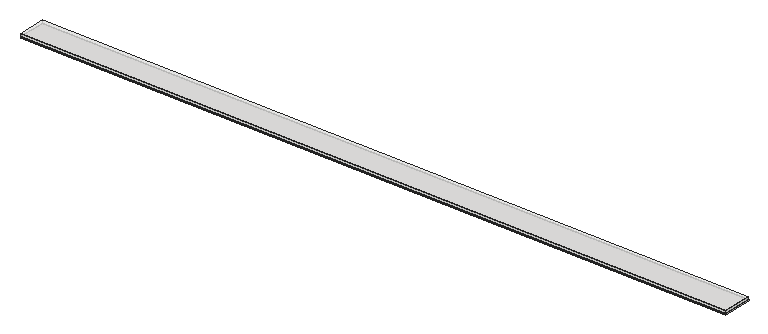
Revit family "Lighting - Luminii - LineLED - LLHE64 - Array", category Lighting Fixtures, host Face, Revit 2020
Family settings
  Host = Face
  Round Connector Dimension = Use Diameter
  Part Type = Normal
  OmniClass Number = 23.80.70.11.14.21
  OmniClass Title = Spots and Tracklight Specialties
  Cut with Voids When Loaded = No
  Light Source = No
  Shared = Yes
  Room Calculation Point = No
Parameters (values of type "LineLED HE64 - VHO")
  Width = 123/256"  # constant formula
  Wattage Comments = "7.5 W/ft"
  Warranty URL = "https://www.luminii.com/terms-conditions/"
  Voltage Comments = " 24 VDC"  # constant formula
  Voltage = 24 V  # constant formula
  Version = "2020 - v1.0a"  # constant formula
  URL = "https://www.luminii.com/"
  Support Phone = "224-699-9545"  # constant formula
  Support Email = "mailto:support@bimsmith.com"
  Product Page URL = "https://www.luminii.com/product/lineled-llhe64-vho/"
  Product Name = "LineLED HE64"  # constant formula
  Product Documentation Link = "https://www.luminii.com/wp-content/uploads/z_special_catalog_products/products/lineled-llhe64-vho/specsheets/LL48HE-64HE-Spec.pdf"
  Power Source Type = "Driver"  # constant formula
  Power Factor = 1
  Phase = 1
  Operating Temperature = "Consult Manufacturer Website for more Information"  # constant formula
  Number of Poles = if(and(or(Voltage = 120 V, Voltage = 277 V), Phase = 1), 1, if(and(or(Voltage = 208 V, Voltage = 240 V), Phase = 1), 2, if(and(or(Voltage = 208 V, Voltage = 240 V), Phase = 3), 3, if(and(Voltage > 300 V, Phase = 1), 2, if(and(Voltage > 400 V, Phase = 3), 3, 1)))))  # 1
  Mounting Method = "Surface Mount"  # constant formula
  Model = "LLHE64-VHO"
  Manufacturer Phone Number = "224-333-6033"  # constant formula
  Manufacturer Email = "mailto:info@luminii.com"
  Manufacturer Address = "7777 N Merrimac Ave, Niles, IL 60714"  # constant formula
  Manufacturer = "Luminii"  # constant formula
  Lumen Output = "986 lm/ft"
  Load Classification = Lighting
  Lens Material = Plastic - Luminii - Frosted Lens
  Length Comments [instance] = "Perfomance based on 1\" Photometric Web File, consult Manufacturer for custom sizes"  # constant formula
  Length [instance] = if(Desired Length < 12", 12", if(and(Constraints = 1, Desired Length > 180"), 180", if(and(Constraints = 2, Desired Length > 156"), 156", (round(Desired Length / 1 1/2")) * 1 1/2")))  # 12"
  Lamp Life = 1
  Lamp = "LED"  # constant formula
  Keynote = "26 50 00"
  Instruction Sheet Link = "https://www.luminii.com/wp-content/uploads/z_special_catalog_products/products/lineled-llhe64-vho/install-guides/LLHE48-Installation-Instructions.pdf"
  Initial Color Comments = "Perfomance based on 3000K Photometric Web File"  # constant formula
  Housing Protection Rating = "IP20 Dry/IP66 Wet Series"  # constant formula
  Has Dimming = 1 = 1  # yes
  Has Battery Backup = 0 = 1  # no
  Frequency Comments = ""  # constant formula
  Frequency = 60 Hz
  Finish = Metal - Luminii - Silver Anodized Aluminum
  Environment = "Indoor"  # constant formula
  Desired Length [instance] = 12"
  Description = "Linear LED strip - 24 VDC"  # constant formula
  Depth = 15/256"  # constant formula
  Default Elevation = 0"  # constant formula
  Current Amps = 50 A
  Copyright = "©2023 Luminii"  # constant formula
  Constraints = 1
  built-in parameter 1114216 [instance] = 0  # (empty or 0)
  built-in parameter 1140040 [instance] = 1 = 1  # 1
  CCT = "3000K"
  C Number of LED [instance] = Length / 3/16"  # 64
  C LED Type = Lighting - Luminii - LineLED - LLHE64 - Nested Light Source : LineLED HE64 - VHO
  C End Caps Width = 13/128"  # constant formula
  Assembly Code = "D5020230"
  Apparent Load = 7.6 VA
Types (2): name | Wattage Comments | Product Page URL | Model | Lumen Output | Constraints | C LED Type | Apparent Load
  LineLED HE64 - VHO | "7.5 W/ft" | "https://www.luminii.com/product/lineled-llhe64-vho/" | "LLHE64-VHO" | "986 lm/ft" | 1 | Lighting - Luminii - LineLED - LLHE64 - Nested Light Source : LineLED HE64 - VHO | 7.6 VA
  LineLED HE64 - XHO | "9.6 W/ft" | "https://www.luminii.com/product/lineled-llhe64-xho/" | "LLHE64-XHO" | "1073 lm/ft" | 2 | Lighting - Luminii - LineLED - LLHE64 - Nested Light Source : LineLED HE64 - XHO | 9.7 VA
Reference planes (in)
  plane 1 "Center (Front/Back)": y = 0
  plane 2: z = 0
  plane 3 "Center (Left/Right)": x = 0
  plane 4: x = -6
  plane 5: x = 6
  plane 6: y = 0.24023
  plane 7: y = -0.24023
  plane 8: z = 0.05859
  plane 9: z = 0.01
Forms (in)
  Extrusion 1, solid, material "Metal - Luminii - Silver Anodized Aluminum", not visible
    sketch origin (0, 0, 0) x (1, 0, 0) y (0, 1, 0)
      loop
        circle (0, 0) r 0.5
    from 0 to -0.17225
  Extrusion 2, solid, material "Metal - Luminii - Silver Anodized Aluminum" <- "Finish"
    sketch origin (0, 0, 0) x (1, 0, 0) y (0, 1, 0)
      loop
        line (-6, 0.24023) -> (-6, -0.24023) -> (6, -0.24023) -> (6, 0.24023) -> (-6, 0.24023)
    from 0 to 0.01
  Extrusion 3, solid, material "Plastic - Luminii - Frosted Lens" <- "Lens Material"
    sketch origin (0, 0, 0) x (1, 0, 0) y (0, 1, 0)
      loop
        line (-6, 0.24023) -> (-6, -0.24023) -> (6, -0.24023) -> (6, 0.24023) -> (-6, 0.24023)
    from 0.05859 to 0.01
Dimensions and locks (in)
  equal spacing: plane 4, plane 3 "Center (Left/Right)", plane 5
  equal spacing: plane 6, plane 1 "Center (Front/Back)", plane 7
  "Length": plane 4 to plane 5
  "Width": plane 6 to plane 7
  "Depth": plane 8 to plane 2
  equal spacing: group 1, group 3, group 4, group 5, group 6, group 7, group 8, group 9, group 10, group 11, group 12, group 13, group 14, group 15, group 16, group 17, group 18, group 19, group 20, group 21, group 22, group 23, group 24, group 25, group 26, group 27, group 28, group 29, group 30, group 31, group 32, group 33, group 34, group 35, group 36, group 37, group 38, group 39, group 40, group 41, group 42, group 43, group 44, group 45, group 46, group 47, group 48, group 49, group 50, group 51, group 52, group 53, group 54, group 55, group 56, group 57, group 58, group 59, group 60, group 61, group 62, group 63, group 64, group 2  (x3)
  aligned and locked: plane 2 to host face
  aligned and locked: plane 3 "Center (Left/Right)" to Extrusion 1 sketch curve
  aligned and locked: plane 1 "Center (Front/Back)" to Extrusion 1 sketch curve
  aligned and locked: plane 2 to Extrusion 1  (x2)
  aligned and locked: Extrusion 2 sketch curve to plane 6
  aligned and locked: plane 4 to Extrusion 2 sketch curve
  aligned and locked: plane 7 to Extrusion 2 sketch curve
  aligned and locked: Extrusion 2 sketch curve to plane 5
  aligned and locked: Extrusion 2 to level
  aligned and locked: plane 9 to Extrusion 2
  aligned and locked: Extrusion 3 sketch curve to Extrusion 2  (x4)
  aligned and locked: plane 8 to Extrusion 3
  aligned and locked: Extrusion 3 to Extrusion 2
  aligned and locked: plane 2 to nested 1
  aligned and locked: plane 1 "Center (Front/Back)" to nested 1
  aligned and locked: plane 4 to nested 1
  aligned and locked: plane 2 to nested 2
  aligned and locked: plane 5 to nested 2
  aligned and locked: plane 1 "Center (Front/Back)" to nested 2
Automatic sketch dimensions
  host sketch curve to host sketch curve = 96"  (x2)
  radius of Extrusion 1 sketch curve = 1/2"
Nested families (in)
  nested 1: "Lighting - Luminii - LineLED - LLHE64 - Nested Light Source" at (-5.5, 0, 0), type <- "C LED Type", type "LineLED HE64 - VHO"
    with Length Comments "Perfomance based on 1\" Photometric Web File, consult Manufacturer for custom sizes", Length 1", Desired Length 1", built-in parameter 1114216 (empty or 0), built-in parameter 1140040 1
  nested 2: "Lighting - Luminii - LineLED - LLHE64 - Nested Light Source" at (5.5, 0, 0), type <- "C LED Type", type "LineLED HE64 - VHO"
    with Length Comments "Perfomance based on 1\" Photometric Web File, consult Manufacturer for custom sizes", Length 1", Desired Length 1", built-in parameter 1114216 (empty or 0), built-in parameter 1140040 1
  nested 3: "Lighting - Luminii - LineLED - LLHE64 - Nested Light Source" at (-5.3254, 0, 0), type <- "C LED Type", type "LineLED HE64 - VHO"
    with Length Comments "Perfomance based on 1\" Photometric Web File, consult Manufacturer for custom sizes", Length 1", Desired Length 1", built-in parameter 1114216 (empty or 0), built-in parameter 1140040 1
  nested 4: "Lighting - Luminii - LineLED - LLHE64 - Nested Light Source" at (-5.15079, 0, 0), type <- "C LED Type", type "LineLED HE64 - VHO"
    with Length Comments "Perfomance based on 1\" Photometric Web File, consult Manufacturer for custom sizes", Length 1", Desired Length 1", built-in parameter 1114216 (empty or 0), built-in parameter 1140040 1
  nested 5: "Lighting - Luminii - LineLED - LLHE64 - Nested Light Source" at (-4.97619, 0, 0), type <- "C LED Type", type "LineLED HE64 - VHO"
    with Length Comments "Perfomance based on 1\" Photometric Web File, consult Manufacturer for custom sizes", Length 1", Desired Length 1", built-in parameter 1114216 (empty or 0), built-in parameter 1140040 1
  nested 6: "Lighting - Luminii - LineLED - LLHE64 - Nested Light Source" at (-4.80159, 0, 0), type <- "C LED Type", type "LineLED HE64 - VHO"
    with Length Comments "Perfomance based on 1\" Photometric Web File, consult Manufacturer for custom sizes", Length 1", Desired Length 1", built-in parameter 1114216 (empty or 0), built-in parameter 1140040 1
  nested 7: "Lighting - Luminii - LineLED - LLHE64 - Nested Light Source" at (-4.62698, 0, 0), type <- "C LED Type", type "LineLED HE64 - VHO"
    with Length Comments "Perfomance based on 1\" Photometric Web File, consult Manufacturer for custom sizes", Length 1", Desired Length 1", built-in parameter 1114216 (empty or 0), built-in parameter 1140040 1
  nested 8: "Lighting - Luminii - LineLED - LLHE64 - Nested Light Source" at (-4.45238, 0, 0), type <- "C LED Type", type "LineLED HE64 - VHO"
    with Length Comments "Perfomance based on 1\" Photometric Web File, consult Manufacturer for custom sizes", Length 1", Desired Length 1", built-in parameter 1114216 (empty or 0), built-in parameter 1140040 1
  nested 9: "Lighting - Luminii - LineLED - LLHE64 - Nested Light Source" at (-4.27778, 0, 0), type <- "C LED Type", type "LineLED HE64 - VHO"
    with Length Comments "Perfomance based on 1\" Photometric Web File, consult Manufacturer for custom sizes", Length 1", Desired Length 1", built-in parameter 1114216 (empty or 0), built-in parameter 1140040 1
  nested 10: "Lighting - Luminii - LineLED - LLHE64 - Nested Light Source" at (-4.10317, 0, 0), type <- "C LED Type", type "LineLED HE64 - VHO"
    with Length Comments "Perfomance based on 1\" Photometric Web File, consult Manufacturer for custom sizes", Length 1", Desired Length 1", built-in parameter 1114216 (empty or 0), built-in parameter 1140040 1
  nested 11: "Lighting - Luminii - LineLED - LLHE64 - Nested Light Source" at (-3.92857, 0, 0), type <- "C LED Type", type "LineLED HE64 - VHO"
    with Length Comments "Perfomance based on 1\" Photometric Web File, consult Manufacturer for custom sizes", Length 1", Desired Length 1", built-in parameter 1114216 (empty or 0), built-in parameter 1140040 1
  nested 12: "Lighting - Luminii - LineLED - LLHE64 - Nested Light Source" at (-3.75397, 0, 0), type <- "C LED Type", type "LineLED HE64 - VHO"
    with Length Comments "Perfomance based on 1\" Photometric Web File, consult Manufacturer for custom sizes", Length 1", Desired Length 1", built-in parameter 1114216 (empty or 0), built-in parameter 1140040 1
  nested 13: "Lighting - Luminii - LineLED - LLHE64 - Nested Light Source" at (-3.57937, 0, 0), type <- "C LED Type", type "LineLED HE64 - VHO"
    with Length Comments "Perfomance based on 1\" Photometric Web File, consult Manufacturer for custom sizes", Length 1", Desired Length 1", built-in parameter 1114216 (empty or 0), built-in parameter 1140040 1
  nested 14: "Lighting - Luminii - LineLED - LLHE64 - Nested Light Source" at (-3.40476, 0, 0), type <- "C LED Type", type "LineLED HE64 - VHO"
    with Length Comments "Perfomance based on 1\" Photometric Web File, consult Manufacturer for custom sizes", Length 1", Desired Length 1", built-in parameter 1114216 (empty or 0), built-in parameter 1140040 1
  nested 15: "Lighting - Luminii - LineLED - LLHE64 - Nested Light Source" at (-3.23016, 0, 0), type <- "C LED Type", type "LineLED HE64 - VHO"
    with Length Comments "Perfomance based on 1\" Photometric Web File, consult Manufacturer for custom sizes", Length 1", Desired Length 1", built-in parameter 1114216 (empty or 0), built-in parameter 1140040 1
  nested 16: "Lighting - Luminii - LineLED - LLHE64 - Nested Light Source" at (-3.05556, 0, 0), type <- "C LED Type", type "LineLED HE64 - VHO"
    with Length Comments "Perfomance based on 1\" Photometric Web File, consult Manufacturer for custom sizes", Length 1", Desired Length 1", built-in parameter 1114216 (empty or 0), built-in parameter 1140040 1
  nested 17: "Lighting - Luminii - LineLED - LLHE64 - Nested Light Source" at (-2.88095, 0, 0), type <- "C LED Type", type "LineLED HE64 - VHO"
    with Length Comments "Perfomance based on 1\" Photometric Web File, consult Manufacturer for custom sizes", Length 1", Desired Length 1", built-in parameter 1114216 (empty or 0), built-in parameter 1140040 1
  nested 18: "Lighting - Luminii - LineLED - LLHE64 - Nested Light Source" at (-2.70635, 0, 0), type <- "C LED Type", type "LineLED HE64 - VHO"
    with Length Comments "Perfomance based on 1\" Photometric Web File, consult Manufacturer for custom sizes", Length 1", Desired Length 1", built-in parameter 1114216 (empty or 0), built-in parameter 1140040 1
  nested 19: "Lighting - Luminii - LineLED - LLHE64 - Nested Light Source" at (-2.53175, 0, 0), type <- "C LED Type", type "LineLED HE64 - VHO"
    with Length Comments "Perfomance based on 1\" Photometric Web File, consult Manufacturer for custom sizes", Length 1", Desired Length 1", built-in parameter 1114216 (empty or 0), built-in parameter 1140040 1
  nested 20: "Lighting - Luminii - LineLED - LLHE64 - Nested Light Source" at (-2.35714, 0, 0), type <- "C LED Type", type "LineLED HE64 - VHO"
    with Length Comments "Perfomance based on 1\" Photometric Web File, consult Manufacturer for custom sizes", Length 1", Desired Length 1", built-in parameter 1114216 (empty or 0), built-in parameter 1140040 1
  nested 21: "Lighting - Luminii - LineLED - LLHE64 - Nested Light Source" at (-2.18254, 0, 0), type <- "C LED Type", type "LineLED HE64 - VHO"
    with Length Comments "Perfomance based on 1\" Photometric Web File, consult Manufacturer for custom sizes", Length 1", Desired Length 1", built-in parameter 1114216 (empty or 0), built-in parameter 1140040 1
  nested 22: "Lighting - Luminii - LineLED - LLHE64 - Nested Light Source" at (-2.00794, 0, 0), type <- "C LED Type", type "LineLED HE64 - VHO"
    with Length Comments "Perfomance based on 1\" Photometric Web File, consult Manufacturer for custom sizes", Length 1", Desired Length 1", built-in parameter 1114216 (empty or 0), built-in parameter 1140040 1
  nested 23: "Lighting - Luminii - LineLED - LLHE64 - Nested Light Source" at (-1.83333, 0, 0), type <- "C LED Type", type "LineLED HE64 - VHO"
    with Length Comments "Perfomance based on 1\" Photometric Web File, consult Manufacturer for custom sizes", Length 1", Desired Length 1", built-in parameter 1114216 (empty or 0), built-in parameter 1140040 1
  nested 24: "Lighting - Luminii - LineLED - LLHE64 - Nested Light Source" at (-1.65873, 0, 0), type <- "C LED Type", type "LineLED HE64 - VHO"
    with Length Comments "Perfomance based on 1\" Photometric Web File, consult Manufacturer for custom sizes", Length 1", Desired Length 1", built-in parameter 1114216 (empty or 0), built-in parameter 1140040 1
  nested 25: "Lighting - Luminii - LineLED - LLHE64 - Nested Light Source" at (-1.48413, 0, 0), type <- "C LED Type", type "LineLED HE64 - VHO"
    with Length Comments "Perfomance based on 1\" Photometric Web File, consult Manufacturer for custom sizes", Length 1", Desired Length 1", built-in parameter 1114216 (empty or 0), built-in parameter 1140040 1
  nested 26: "Lighting - Luminii - LineLED - LLHE64 - Nested Light Source" at (-1.30952, 0, 0), type <- "C LED Type", type "LineLED HE64 - VHO"
    with Length Comments "Perfomance based on 1\" Photometric Web File, consult Manufacturer for custom sizes", Length 1", Desired Length 1", built-in parameter 1114216 (empty or 0), built-in parameter 1140040 1
  nested 27: "Lighting - Luminii - LineLED - LLHE64 - Nested Light Source" at (-1.13492, 0, 0), type <- "C LED Type", type "LineLED HE64 - VHO"
    with Length Comments "Perfomance based on 1\" Photometric Web File, consult Manufacturer for custom sizes", Length 1", Desired Length 1", built-in parameter 1114216 (empty or 0), built-in parameter 1140040 1
  nested 28: "Lighting - Luminii - LineLED - LLHE64 - Nested Light Source" at (-0.96032, 0, 0), type <- "C LED Type", type "LineLED HE64 - VHO"
    with Length Comments "Perfomance based on 1\" Photometric Web File, consult Manufacturer for custom sizes", Length 1", Desired Length 1", built-in parameter 1114216 (empty or 0), built-in parameter 1140040 1
  nested 29: "Lighting - Luminii - LineLED - LLHE64 - Nested Light Source" at (-0.78571, 0, 0), type <- "C LED Type", type "LineLED HE64 - VHO"
    with Length Comments "Perfomance based on 1\" Photometric Web File, consult Manufacturer for custom sizes", Length 1", Desired Length 1", built-in parameter 1114216 (empty or 0), built-in parameter 1140040 1
  nested 30: "Lighting - Luminii - LineLED - LLHE64 - Nested Light Source" at (-0.61111, 0, 0), type <- "C LED Type", type "LineLED HE64 - VHO"
    with Length Comments "Perfomance based on 1\" Photometric Web File, consult Manufacturer for custom sizes", Length 1", Desired Length 1", built-in parameter 1114216 (empty or 0), built-in parameter 1140040 1
  nested 31: "Lighting - Luminii - LineLED - LLHE64 - Nested Light Source" at (-0.43651, 0, 0), type <- "C LED Type", type "LineLED HE64 - VHO"
    with Length Comments "Perfomance based on 1\" Photometric Web File, consult Manufacturer for custom sizes", Length 1", Desired Length 1", built-in parameter 1114216 (empty or 0), built-in parameter 1140040 1
  nested 32: "Lighting - Luminii - LineLED - LLHE64 - Nested Light Source" at (-0.2619, 0, 0), type <- "C LED Type", type "LineLED HE64 - VHO"
    with Length Comments "Perfomance based on 1\" Photometric Web File, consult Manufacturer for custom sizes", Length 1", Desired Length 1", built-in parameter 1114216 (empty or 0), built-in parameter 1140040 1
  nested 33: "Lighting - Luminii - LineLED - LLHE64 - Nested Light Source" at (-0.0873, 0, 0), type <- "C LED Type", type "LineLED HE64 - VHO"
    with Length Comments "Perfomance based on 1\" Photometric Web File, consult Manufacturer for custom sizes", Length 1", Desired Length 1", built-in parameter 1114216 (empty or 0), built-in parameter 1140040 1
  nested 34: "Lighting - Luminii - LineLED - LLHE64 - Nested Light Source" at (0.0873, 0, 0), type <- "C LED Type", type "LineLED HE64 - VHO"
    with Length Comments "Perfomance based on 1\" Photometric Web File, consult Manufacturer for custom sizes", Length 1", Desired Length 1", built-in parameter 1114216 (empty or 0), built-in parameter 1140040 1
  nested 35: "Lighting - Luminii - LineLED - LLHE64 - Nested Light Source" at (0.2619, 0, 0), type <- "C LED Type", type "LineLED HE64 - VHO"
    with Length Comments "Perfomance based on 1\" Photometric Web File, consult Manufacturer for custom sizes", Length 1", Desired Length 1", built-in parameter 1114216 (empty or 0), built-in parameter 1140040 1
  nested 36: "Lighting - Luminii - LineLED - LLHE64 - Nested Light Source" at (0.43651, 0, 0), type <- "C LED Type", type "LineLED HE64 - VHO"
    with Length Comments "Perfomance based on 1\" Photometric Web File, consult Manufacturer for custom sizes", Length 1", Desired Length 1", built-in parameter 1114216 (empty or 0), built-in parameter 1140040 1
  nested 37: "Lighting - Luminii - LineLED - LLHE64 - Nested Light Source" at (0.61111, 0, 0), type <- "C LED Type", type "LineLED HE64 - VHO"
    with Length Comments "Perfomance based on 1\" Photometric Web File, consult Manufacturer for custom sizes", Length 1", Desired Length 1", built-in parameter 1114216 (empty or 0), built-in parameter 1140040 1
  nested 38: "Lighting - Luminii - LineLED - LLHE64 - Nested Light Source" at (0.78571, 0, 0), type <- "C LED Type", type "LineLED HE64 - VHO"
    with Length Comments "Perfomance based on 1\" Photometric Web File, consult Manufacturer for custom sizes", Length 1", Desired Length 1", built-in parameter 1114216 (empty or 0), built-in parameter 1140040 1
  nested 39: "Lighting - Luminii - LineLED - LLHE64 - Nested Light Source" at (0.96032, 0, 0), type <- "C LED Type", type "LineLED HE64 - VHO"
    with Length Comments "Perfomance based on 1\" Photometric Web File, consult Manufacturer for custom sizes", Length 1", Desired Length 1", built-in parameter 1114216 (empty or 0), built-in parameter 1140040 1
  nested 40: "Lighting - Luminii - LineLED - LLHE64 - Nested Light Source" at (1.13492, 0, 0), type <- "C LED Type", type "LineLED HE64 - VHO"
    with Length Comments "Perfomance based on 1\" Photometric Web File, consult Manufacturer for custom sizes", Length 1", Desired Length 1", built-in parameter 1114216 (empty or 0), built-in parameter 1140040 1
  nested 41: "Lighting - Luminii - LineLED - LLHE64 - Nested Light Source" at (1.30952, 0, 0), type <- "C LED Type", type "LineLED HE64 - VHO"
    with Length Comments "Perfomance based on 1\" Photometric Web File, consult Manufacturer for custom sizes", Length 1", Desired Length 1", built-in parameter 1114216 (empty or 0), built-in parameter 1140040 1
  nested 42: "Lighting - Luminii - LineLED - LLHE64 - Nested Light Source" at (1.48413, 0, 0), type <- "C LED Type", type "LineLED HE64 - VHO"
    with Length Comments "Perfomance based on 1\" Photometric Web File, consult Manufacturer for custom sizes", Length 1", Desired Length 1", built-in parameter 1114216 (empty or 0), built-in parameter 1140040 1
  nested 43: "Lighting - Luminii - LineLED - LLHE64 - Nested Light Source" at (1.65873, 0, 0), type <- "C LED Type", type "LineLED HE64 - VHO"
    with Length Comments "Perfomance based on 1\" Photometric Web File, consult Manufacturer for custom sizes", Length 1", Desired Length 1", built-in parameter 1114216 (empty or 0), built-in parameter 1140040 1
  nested 44: "Lighting - Luminii - LineLED - LLHE64 - Nested Light Source" at (1.83333, 0, 0), type <- "C LED Type", type "LineLED HE64 - VHO"
    with Length Comments "Perfomance based on 1\" Photometric Web File, consult Manufacturer for custom sizes", Length 1", Desired Length 1", built-in parameter 1114216 (empty or 0), built-in parameter 1140040 1
  nested 45: "Lighting - Luminii - LineLED - LLHE64 - Nested Light Source" at (2.00794, 0, 0), type <- "C LED Type", type "LineLED HE64 - VHO"
    with Length Comments "Perfomance based on 1\" Photometric Web File, consult Manufacturer for custom sizes", Length 1", Desired Length 1", built-in parameter 1114216 (empty or 0), built-in parameter 1140040 1
  nested 46: "Lighting - Luminii - LineLED - LLHE64 - Nested Light Source" at (2.18254, 0, 0), type <- "C LED Type", type "LineLED HE64 - VHO"
    with Length Comments "Perfomance based on 1\" Photometric Web File, consult Manufacturer for custom sizes", Length 1", Desired Length 1", built-in parameter 1114216 (empty or 0), built-in parameter 1140040 1
  nested 47: "Lighting - Luminii - LineLED - LLHE64 - Nested Light Source" at (2.35714, 0, 0), type <- "C LED Type", type "LineLED HE64 - VHO"
    with Length Comments "Perfomance based on 1\" Photometric Web File, consult Manufacturer for custom sizes", Length 1", Desired Length 1", built-in parameter 1114216 (empty or 0), built-in parameter 1140040 1
  nested 48: "Lighting - Luminii - LineLED - LLHE64 - Nested Light Source" at (2.53175, 0, 0), type <- "C LED Type", type "LineLED HE64 - VHO"
    with Length Comments "Perfomance based on 1\" Photometric Web File, consult Manufacturer for custom sizes", Length 1", Desired Length 1", built-in parameter 1114216 (empty or 0), built-in parameter 1140040 1
  nested 49: "Lighting - Luminii - LineLED - LLHE64 - Nested Light Source" at (2.70635, 0, 0), type <- "C LED Type", type "LineLED HE64 - VHO"
    with Length Comments "Perfomance based on 1\" Photometric Web File, consult Manufacturer for custom sizes", Length 1", Desired Length 1", built-in parameter 1114216 (empty or 0), built-in parameter 1140040 1
  nested 50: "Lighting - Luminii - LineLED - LLHE64 - Nested Light Source" at (2.88095, 0, 0), type <- "C LED Type", type "LineLED HE64 - VHO"
    with Length Comments "Perfomance based on 1\" Photometric Web File, consult Manufacturer for custom sizes", Length 1", Desired Length 1", built-in parameter 1114216 (empty or 0), built-in parameter 1140040 1
  nested 51: "Lighting - Luminii - LineLED - LLHE64 - Nested Light Source" at (3.05556, 0, 0), type <- "C LED Type", type "LineLED HE64 - VHO"
    with Length Comments "Perfomance based on 1\" Photometric Web File, consult Manufacturer for custom sizes", Length 1", Desired Length 1", built-in parameter 1114216 (empty or 0), built-in parameter 1140040 1
  nested 52: "Lighting - Luminii - LineLED - LLHE64 - Nested Light Source" at (3.23016, 0, 0), type <- "C LED Type", type "LineLED HE64 - VHO"
    with Length Comments "Perfomance based on 1\" Photometric Web File, consult Manufacturer for custom sizes", Length 1", Desired Length 1", built-in parameter 1114216 (empty or 0), built-in parameter 1140040 1
  nested 53: "Lighting - Luminii - LineLED - LLHE64 - Nested Light Source" at (3.40476, 0, 0), type <- "C LED Type", type "LineLED HE64 - VHO"
    with Length Comments "Perfomance based on 1\" Photometric Web File, consult Manufacturer for custom sizes", Length 1", Desired Length 1", built-in parameter 1114216 (empty or 0), built-in parameter 1140040 1
  nested 54: "Lighting - Luminii - LineLED - LLHE64 - Nested Light Source" at (3.57937, 0, 0), type <- "C LED Type", type "LineLED HE64 - VHO"
    with Length Comments "Perfomance based on 1\" Photometric Web File, consult Manufacturer for custom sizes", Length 1", Desired Length 1", built-in parameter 1114216 (empty or 0), built-in parameter 1140040 1
  nested 55: "Lighting - Luminii - LineLED - LLHE64 - Nested Light Source" at (3.75397, 0, 0), type <- "C LED Type", type "LineLED HE64 - VHO"
    with Length Comments "Perfomance based on 1\" Photometric Web File, consult Manufacturer for custom sizes", Length 1", Desired Length 1", built-in parameter 1114216 (empty or 0), built-in parameter 1140040 1
  nested 56: "Lighting - Luminii - LineLED - LLHE64 - Nested Light Source" at (3.92857, 0, 0), type <- "C LED Type", type "LineLED HE64 - VHO"
    with Length Comments "Perfomance based on 1\" Photometric Web File, consult Manufacturer for custom sizes", Length 1", Desired Length 1", built-in parameter 1114216 (empty or 0), built-in parameter 1140040 1
  nested 57: "Lighting - Luminii - LineLED - LLHE64 - Nested Light Source" at (4.10317, 0, 0), type <- "C LED Type", type "LineLED HE64 - VHO"
    with Length Comments "Perfomance based on 1\" Photometric Web File, consult Manufacturer for custom sizes", Length 1", Desired Length 1", built-in parameter 1114216 (empty or 0), built-in parameter 1140040 1
  nested 58: "Lighting - Luminii - LineLED - LLHE64 - Nested Light Source" at (4.27778, 0, 0), type <- "C LED Type", type "LineLED HE64 - VHO"
    with Length Comments "Perfomance based on 1\" Photometric Web File, consult Manufacturer for custom sizes", Length 1", Desired Length 1", built-in parameter 1114216 (empty or 0), built-in parameter 1140040 1
  nested 59: "Lighting - Luminii - LineLED - LLHE64 - Nested Light Source" at (4.45238, 0, 0), type <- "C LED Type", type "LineLED HE64 - VHO"
    with Length Comments "Perfomance based on 1\" Photometric Web File, consult Manufacturer for custom sizes", Length 1", Desired Length 1", built-in parameter 1114216 (empty or 0), built-in parameter 1140040 1
  nested 60: "Lighting - Luminii - LineLED - LLHE64 - Nested Light Source" at (4.62698, 0, 0), type <- "C LED Type", type "LineLED HE64 - VHO"
    with Length Comments "Perfomance based on 1\" Photometric Web File, consult Manufacturer for custom sizes", Length 1", Desired Length 1", built-in parameter 1114216 (empty or 0), built-in parameter 1140040 1
  nested 61: "Lighting - Luminii - LineLED - LLHE64 - Nested Light Source" at (4.80159, 0, 0), type <- "C LED Type", type "LineLED HE64 - VHO"
    with Length Comments "Perfomance based on 1\" Photometric Web File, consult Manufacturer for custom sizes", Length 1", Desired Length 1", built-in parameter 1114216 (empty or 0), built-in parameter 1140040 1
  nested 62: "Lighting - Luminii - LineLED - LLHE64 - Nested Light Source" at (4.97619, 0, 0), type <- "C LED Type", type "LineLED HE64 - VHO"
    with Length Comments "Perfomance based on 1\" Photometric Web File, consult Manufacturer for custom sizes", Length 1", Desired Length 1", built-in parameter 1114216 (empty or 0), built-in parameter 1140040 1
  nested 63: "Lighting - Luminii - LineLED - LLHE64 - Nested Light Source" at (5.15079, 0, 0), type <- "C LED Type", type "LineLED HE64 - VHO"
    with Length Comments "Perfomance based on 1\" Photometric Web File, consult Manufacturer for custom sizes", Length 1", Desired Length 1", built-in parameter 1114216 (empty or 0), built-in parameter 1140040 1
  nested 64: "Lighting - Luminii - LineLED - LLHE64 - Nested Light Source" at (5.3254, 0, 0), type <- "C LED Type", type "LineLED HE64 - VHO"
    with Length Comments "Perfomance based on 1\" Photometric Web File, consult Manufacturer for custom sizes", Length 1", Desired Length 1", built-in parameter 1114216 (empty or 0), built-in parameter 1140040 1
Connectors (in)
  electrical at (0, 0, 0), driven by "Number of Poles", driven by "Load Classification", driven by "Voltage", driven by "Apparent Load", driven by "Power Factor"
    settings: on Extrusion 1, index 1, voltage 24 V, apparent load 7.6 VA, apparent load phase1 0 VA, apparent load phase2 0 VA, apparent load phase3 0 VA, power factor 1, load classification "Lighting", number of poles 1, system type 30, power factor state 1, is connector primary yes, connector utility no, sub classification motor no, connector description "Power Connection"
Definition of nested family "Lighting - Luminii - LineLED - LLHE64 - Nested Light Source"
  Parameters (values of type "LineLED HE64 - VHO")
    Width = 123/256"  # constant formula
    Wattage Comments = "7.5 W/ft"
    Wattage = 7.6 W
    Warranty URL = "https://www.luminii.com/terms-conditions/"
    built-in parameter 1150110 = 1 (stored number, unit not read)
    Voltage Comments = " 24 VDC"  # constant formula
    Voltage = 24 V  # constant formula
    Version = "2020 - v1.0a"  # constant formula
    URL = "https://www.luminii.com/"
    built-in parameter 1114217 = 1 (stored number, unit not read)
    Tilt Angle = -90.00°  # constant formula
    built-in parameter 1150109 = 1 (stored number, unit not read)
    built-in parameter 1150134 = (empty or 0)
    built-in parameter 1150113 = 1 (stored number, unit not read)
    Support Phone = "224-699-9545"  # constant formula
    Support Email = "mailto:support@bimsmith.com"
    Product Page URL = "https://www.luminii.com/product/lineled-llhe64-vho/"
    Product Name = "LineLED HE64"  # constant formula
    Product Documentation Link = "https://www.luminii.com/wp-content/uploads/z_special_catalog_products/products/lineled-llhe64-vho/specsheets/LL48HE-64HE-Spec.pdf"
    Power Source Type = "Driver"  # constant formula
    Power Factor = 1
    Photometric Web File = "LL64HE-VHO-30K_.IES"
    Phase = 1
    Operating Temperature = "Consult Manufacturer Website for more Information"  # constant formula
    Number of Poles = if(and(or(Voltage = 120 V, Voltage = 277 V), Phase = 1), 1, if(and(or(Voltage = 208 V, Voltage = 240 V), Phase = 1), 2, if(and(or(Voltage = 208 V, Voltage = 240 V), Phase = 3), 3, if(and(Voltage > 300 V, Phase = 1), 2, if(and(Voltage > 400 V, Phase = 3), 3, 1)))))  # 1
    Mounting Method = "Surface Mount"  # constant formula
    Model = "LLHE64-VHO"
    Manufacturer Phone Number = "224-333-6033"  # constant formula
    Manufacturer Email = "mailto:info@luminii.com"
    Manufacturer Address = "7777 N Merrimac Ave, Niles, IL 60714"  # constant formula
    Manufacturer = "Luminii"  # constant formula
    built-in parameter 1150105 = 76.203 (stored number, unit not read)
    Lumens = 957.6 lm
    built-in parameter 1150115 = 1 (stored number, unit not read)
    Lumen Output = "986 lm/ft"
    Load Classification = none
    built-in parameter 1150137 = (empty or 0)
    built-in parameter 1150139 = (empty or 0)
    Lens Material = none
    Length Comments [instance] = "Perfomance based on 1\" Photometric Web File, consult Manufacturer for custom sizes"  # constant formula
    Length [instance] = 1"  # constant formula
    built-in parameter 1150112 = 1 (stored number, unit not read)
    built-in parameter 1150114 = 1 (stored number, unit not read)
    Lamp Life = 1
    Lamp = "LED"  # constant formula
    Keynote = "26 50 00"
    Instruction Sheet Link = "https://www.luminii.com/wp-content/uploads/z_special_catalog_products/products/lineled-llhe64-vho/install-guides/LLHE48-Installation-Instructions.pdf"
    built-in parameter 1150132 = (empty or 0)
    built-in parameter 1150102 = (empty or 0)
    built-in parameter 1150107 = 3000 (stored number, unit not read)
    Initial Color Comments = "Perfomance based on 3000K Photometric Web File"  # constant formula
    built-in parameter 1150138 = (empty or 0)
    built-in parameter 1150106 = 0.76203 (stored number, unit not read)
    Housing Protection Rating = "IP20 Dry/IP66 Wet Series"  # constant formula
    Has Dimming = 1 = 1  # yes
    Has Battery Backup = 0 = 1  # no
    Frequency Comments = ""  # constant formula
    Frequency = 60 Hz
    Finish = none
    Environment = "Indoor"  # constant formula
    Emit from Rectangle Width = Width  # 123/256"
    Emit from Rectangle Length = 1"  # constant formula
    Emit Shape Visible in Rendering = yes
    built-in parameter 1150104 = 11.706 (stored number, unit not read)
    Dimming Lamp Color Temperature Shift = (empty or 0)
    Desired Length [instance] = 1"  # constant formula
    Description = "Linear LED strip - 24 VDC"  # constant formula
    Depth = 15/256"  # constant formula
    Default Elevation = 0"  # constant formula
    Current Amps = 50 A
    Copyright = "©2023 Luminii"  # constant formula
    Constraints = 1
    Color Filter = 16777215
    built-in parameter 1114216 [instance] = 0  # (empty or 0)
    built-in parameter 1140040 [instance] = 1 = 1  # 1
    CCT = "3000K"
    C End Caps Width = 13/128"  # constant formula
    built-in parameter 1114218 = 1 (stored number, unit not read)
    built-in parameter 1150133 = 10 (stored number, unit not read)
    Assembly Code = "D5020230"
    Apparent Load = Wattage / Power Factor  # 7.6 VA
  Types (2): name | Wattage Comments | Wattage | Product Page URL | Photometric Web File | Model | built-in parameter 1150105 | Lumens | Lumen Output | built-in parameter 1150106 | built-in parameter 1150104 | Constraints | Apparent Load
    LineLED HE64 - VHO | "7.5 W/ft" | 7.6 W | "https://www.luminii.com/product/lineled-llhe64-vho/" | "LL64HE-VHO-30K_.IES" | "LLHE64-VHO" | 76.203 (stored number, unit not read) | 957.6 lm | "986 lm/ft" | 0.76203 (stored number, unit not read) | 11.706 (stored number, unit not read) | 1 | 7.6 VA
    LineLED HE64 - XHO | "9.6 W/ft" | 9.7 W | "https://www.luminii.com/product/lineled-llhe64-xho/" | "LL64HE-XHO-30K_.IES" | "LLHE64-XHO" | 86.453 (stored number, unit not read) | 1086.4 lm | "1073 lm/ft" | 0.86453 (stored number, unit not read) | 10.405 (stored number, unit not read) | 2 | 9.7 VA
  Reference planes (in)
    plane 1 "Center (Front/Back)": y = 0
    plane 2: z = 0
    plane 3 "Center (Left/Right)": x = 0
    plane 4: x = -0.5
    plane 5: x = 0.5
    plane 6: y = 0.24023
    plane 7: y = -0.24023
    plane 8: z = 0.05859
    plane 9: z = 0.01
  Forms (in)
    Extrusion 1, solid
      sketch origin (0, 0, 0) x (1, 0, 0) y (0, 1, 0)
        loop
          line (-48, 48) -> (-48, -48) -> (48, -48) -> (48, 48) -> (-48, 48)
      from 0 to -12
    Extrusion 2, solid, not visible
      sketch origin (0, 0, 0) x (1, 0, 0) y (0, 1, 0)
        loop
          circle (0, 0) r 0.5
      from 0 to -0.17225
  Dimensions and locks (in)
    equal spacing: plane 4, plane 3 "Center (Left/Right)", plane 5
    equal spacing: plane 6, plane 1 "Center (Front/Back)", plane 7
    "Length": plane 4 to plane 5
    "Width": plane 6 to plane 7
    "Depth": plane 8 to plane 2
    aligned and locked: plane 2 to Extrusion 1
    aligned and locked: plane 3 "Center (Left/Right)" to Extrusion 2 sketch curve
    aligned and locked: plane 1 "Center (Front/Back)" to Extrusion 2 sketch curve
    aligned and locked: plane 2 to Extrusion 2  (x2)
    aligned and locked: imposter light to plane 3 "Center (Left/Right)"
    aligned and locked: imposter light to plane 1 "Center (Front/Back)"
    aligned and locked: imposter light to plane 8
  Automatic sketch dimensions
    Extrusion 1 sketch curve to Extrusion 1 sketch curve = 96"  (x2)
    radius of Extrusion 2 sketch curve = 1/2"
  Connectors (in)
    electrical at (0, 0, 0), driven by "Number of Poles", driven by "Load Classification", driven by "Voltage", driven by "Apparent Load", driven by "Power Factor"
      settings: on Extrusion 2, index 1, voltage 24 V, apparent load 7.6 VA, apparent load phase1 0 VA, apparent load phase2 0 VA, apparent load phase3 0 VA, power factor 1, load classification none, number of poles 1, system type 30, power factor state 1, is connector primary yes, connector utility no, sub classification motor no, connector description "Power Connection"
